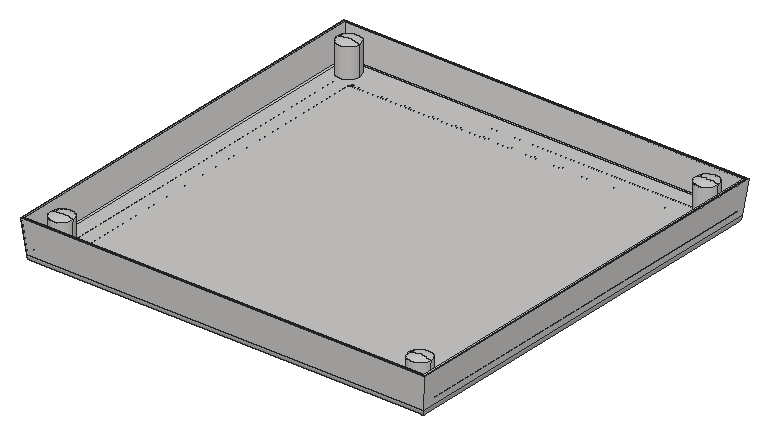
Revit family "Gorter BV 600x600mm", category Generic Models, host Face, Revit 2019
Family settings
  Host = Face
  Can host rebar = No
  Round Connector Dimension = Use Diameter
  Part Type = Normal
  Cut with Voids When Loaded = Yes
  Shared = Yes
  Room Calculation Point = No
Parameters (values of type "BV 600x600mm")
  vullen_met_beton = "ja"  # constant formula
  vergrendeling = "nee"  # constant formula
  uitwendige_lengte = 735 mm
  uitwendige_breedte = 735 mm
  sluiting = "4"  # constant formula
  scharnierend = "nee"  # constant formula
  rubberen_afdichting = "enkel"  # constant formula
  productgroep = ""
  materiaal = bcb_staal
  inbouwhoogte [instance] = 75 mm
  geïsoleerd = "nee"  # constant formula
  gewicht = "21"
  gasdrukveer = "nee"  # constant formula
  brandwerend 90 min = "nee"  # constant formula
  binnenmaat_lengte = uitwendige_lengte - 135 mm  # 600 mm
  binnenmaat_breedte = uitwendige_breedte - 135 mm  # 600 mm
  binnenluik = "tbv betonvulling"  # constant formula
  belasting = "125 kN"  # constant formula
  URL = ""
  Model = "BV"  # constant formula
  Manufacturer = "Gorter"  # constant formula
  Description = "BV 66"
  Default Elevation = 1219.2 mm
Types (6, lengths in mm): name | uitwendige_lengte | uitwendige_breedte | gewicht | binnenmaat_lengte | binnenmaat_breedte | Description
  (no name) | 735 | 735 | "21" | 600 | 600 | "BV 66"
  BV 600x400mm | 535 | 735 | "17" | 400 | 600 | "BV 64"
  BV 600x600mm | 735 | 735 | "21" | 600 | 600 | "BV 66"
  BV 800x600mm | 735 | 935 | "27" | 600 | 800 | "BV 86"
  BV 800x800mm | 935 | 935 | "31" | 800 | 800 | "BV 88"
  BV 1000x600mm | 735 | 1135 | "31" | 600 | 1000 | "BV 106"
Reference planes
  plane 1 "Center (Front/Back)": y = 0
  plane 2: z = 0
  plane 3 "Center (Left/Right)": x = 0
  plane 4: y = 367.5
  plane 5: y = -367.5
  plane 6: x = 367.5
  plane 7: x = -367.5
  plane 8: z = -75
  plane 9: x = -325.5
  plane 10: y = 325.5
  plane 11: y = -325.5
  plane 12: x = 325.5
  plane 13: x = -205.5
  plane 14: x = 205.5
  plane 15: y = -205.5
  plane 16: y = 205.5
Forms (mm)
  Sweep 1, solid, material "bcb_staal" <- "materiaal", detail levels medium+fine
    path origin (0, 0, 0) x (1, 0, 0) y (0, 1, 0)
      loop
        line (-367.5, 367.5) -> (-367.5, -367.5) -> (367.5, -367.5) -> (367.5, 367.5) -> (-367.5, 367.5)
    profile origin (-367.5, 0, 0) x (-1, 0, 0) y (0, 0, 1)
      loop
        line (0, 0) -> (-2.01, 0) -> (-8.062, -60.739)
        arc (-8.062, -60.739) -> (-19.025, -71.913) -> (-32.302, -63.62) r 12.5
        line (-32.302, -63.62) -> (-34.724, -56.679)
        arc (-34.724, -56.679) -> (-38.41, -54.001) -> (-42.212, -56.51) r 4
        line (-42.212, -56.51) -> (-44.362, -61.868)
        arc (-44.362, -61.868) -> (-48.269, -64.946) -> (-52.899, -63.13) r 5
        line (-52.899, -63.13) -> (-56.64, -57.982)
        arc (-56.64, -57.982) -> (-63.349, -55.792) -> (-67.5, -61.5) r 6
        line (-67.5, -61.5) -> (-67.5, -75) -> (-65.5, -75) -> (-65.5, -61.5)
        arc (-65.5, -61.5) -> (-62.734, -57.695) -> (-58.262, -59.152) r 4
        line (-58.262, -59.152) -> (-54.667, -64.109)
        arc (-54.667, -64.109) -> (-48.142, -66.947) -> (-42.504, -62.607) r 7
        line (-42.504, -62.607) -> (-40.356, -57.255)
        arc (-40.356, -57.255) -> (-38.451, -56.001) -> (-36.61, -57.346) r 2
        line (-36.61, -57.346) -> (-34.19, -64.279)
        arc (-34.19, -64.279) -> (-18.789, -73.899) -> (-6.071, -60.938) r 14.5
        line (-6.071, -60.938) -> (0, 0)
  Sweep 2, solid, material "bcb_staal" <- "materiaal", detail levels medium+fine
    path origin (0, 0, 0) x (1, 0, 0) y (0, 1, 0)
      loop
        line (-367.5, 367.5) -> (-367.5, -367.5) -> (367.5, -367.5) -> (367.5, 367.5) -> (-367.5, 367.5)
    profile origin (-367.5, 0, 0) x (-1, 0, 0) y (0, 0, 1)
      loop
        line (-10.487, -50.628) -> (-2.484, 0) -> (-4.5, 0) -> (-12.438, -50.313)
        arc (-12.438, -50.313) -> (-13.121, -51.538) -> (-14.437, -52.024) r 2.024
        line (-14.437, -52.024) -> (-67.5, -52.024) -> (-67.5, -53.988) -> (-14.751, -53.988)
        arc (-14.751, -53.988) -> (-11.962, -53.142) -> (-10.487, -50.628) r 4
  Sweep 3, solid, material "bcb_staal" <- "materiaal", detail levels coarse
    path origin (0, 0, 0) x (1, 0, 0) y (0, 1, 0)
      loop
        line (-367.5, 367.5) -> (-367.5, -367.5) -> (367.5, -367.5) -> (367.5, 367.5) -> (-367.5, 367.5)
    profile origin (-367.5, 0, 0) x (-1, 0, 0) y (0, 0, 1)
      loop
        line (0, 0) -> (-4.5, 0) -> (-12.74, -52.024) -> (-67.5, -52.024) -> (-67.5, -75) -> (-7.473, -75) -> (0, 0)
  Extrusion 4, solid, material "bcb_staal" <- "materiaal", detail levels medium+fine
    sketch origin (0, 0, 0) x (1, 0, 0) y (0, 1, 0)
      loop
        line (-300, 300) -> (-300, -300) -> (300, -300) -> (300, 300) -> (-300, 300)
    from -53.988 to -52
  Extrusion 5, solid, material "bcb_staal" <- "materiaal", detail levels coarse
    sketch origin (0, 0, 0) x (1, 0, 0) y (0, 1, 0)
      loop
        line (-300, 300) -> (-300, -300) -> (300, -300) -> (300, 300) -> (-300, 300)
    from -75 to -52.024
  Extrusion 6, void
    sketch origin (0, 0, 0) x (1, 0, 0) y (0, 1, 0)
      loop
        line (-205.5, -205.5) -> (205.5, -205.5) -> (205.5, 205.5) -> (-205.5, 205.5) -> (-205.5, -205.5)
    from -500 to 10
  Sweep 7, void
    path origin (0, 0, 0) x (1, 0, 0) y (0, 1, 0)
      loop
        line (-367.5, 367.5) -> (-367.5, -367.5) -> (367.5, -367.5) -> (367.5, 367.5) -> (-367.5, 367.5)
    profile origin (-367.5, 0, 0) x (-1, 0, 0) y (0, 0, 1)
      loop
        line (0.498, 5) -> (-162, 5) -> (-162, -365) -> (-65.5, -365) -> (-65.5, -75) -> (-7.473, -75) -> (0.498, 5)
Cuts and joins
  joined: Sweep 2, Extrusion 4
  joined: Sweep 3, Extrusion 5
Dimensions and locks
  equal spacing: plane 7, plane 3 "Center (Left/Right)", plane 6
  "uitwendige_breedte": plane 7 to plane 6
  equal spacing: plane 4, plane 1 "Center (Front/Back)", plane 5
  "uitwendige_lengte": plane 4 to plane 5
  locked: plane 4 to plane 10 at 42
  locked: plane 7 to plane 9 at 42
  locked: plane 12 to plane 6 at 42
  locked: plane 5 to plane 11 at 42
  locked: plane 9 to plane 13 at 120
  locked: plane 14 to plane 12 at 120
  locked: plane 15 to plane 11 at 120
  locked: plane 10 to plane 16 at 120
  aligned and locked: plane 2 to host face
  aligned and locked: level to host face
  aligned and locked: Sweep 1 sketch curve to plane 4
  aligned and locked: plane 7 to Sweep 1 sketch curve
  aligned and locked: plane 5 to Sweep 1 sketch curve
  aligned and locked: Sweep 1 sketch curve to plane 6
  aligned and locked: Sweep 2 sketch curve to Sweep 1  (x4)
  aligned and locked: Sweep 3 sketch curve to Sweep 1  (x4)
  aligned and locked: Extrusion 4 sketch curve to Sweep 1  (x4)
  aligned and locked: Extrusion 5 sketch curve to Sweep 3  (x2)
  aligned and locked: Extrusion 5 sketch curve to Sweep 1  (x2)
  aligned and locked: plane 3 "Center (Left/Right)" to nested 1
  aligned and locked: nested 1 to plane 2
  aligned and locked: plane 9 to nested 2
  aligned and locked: nested 2 to plane 10
  aligned and locked: nested 3 to plane 12
  aligned and locked: plane 10 to nested 3
  aligned and locked: plane 11 to nested 4
  aligned and locked: nested 4 to plane 9
  aligned and locked: nested 5 to plane 11
  aligned and locked: plane 12 to nested 5
  aligned and locked: nested 6 to plane 1 "Center (Front/Back)"
  aligned and locked: nested 6 to plane 2
  aligned and locked: Extrusion 6 to plane 16
  aligned and locked: Extrusion 6 to plane 14
  aligned and locked: Extrusion 6 to plane 15
  aligned and locked: Extrusion 6 to plane 13
  aligned and locked: Sweep 7 sketch curve to plane 4
  aligned and locked: Sweep 7 sketch curve to plane 6
  aligned and locked: plane 5 to Sweep 7 sketch curve
  aligned and locked: plane 7 to Sweep 7 sketch curve
Automatic sketch dimensions
  host sketch curve to host sketch curve = 2000 mm  (x2)
  Sweep 1 sketch curve to profile plane = 0 mm
  profile plane to Sweep 1 sketch curve = 6.071 mm
  Sweep 1 sketch curve to Sweep 1 sketch curve = 1.99 mm
  Sweep 1 sketch curve to Sweep 1 sketch curve = 12.438 mm
  Sweep 1 sketch curve to Sweep 1 sketch curve = 0 mm  (x6)
  Sweep 1 sketch curve to Sweep 1 sketch curve = 11.802 mm
  Sweep 1 sketch curve to Sweep 1 sketch curve = 1.888 mm
  Sweep 1 sketch curve to Sweep 1 sketch curve = 2.423 mm
  Sweep 1 sketch curve to Sweep 1 sketch curve = 1.886 mm
  Sweep 1 sketch curve to Sweep 1 sketch curve = 1.89 mm
  Sweep 1 sketch curve to Sweep 1 sketch curve = 1.856 mm  (x2)
  Sweep 1 sketch curve to Sweep 1 sketch curve = 2.147 mm
  Sweep 1 sketch curve to Sweep 1 sketch curve = 1.858 mm
  Sweep 1 sketch curve to Sweep 1 sketch curve = 4.638 mm
  Sweep 1 sketch curve to Sweep 1 sketch curve = 3.899 mm
  Sweep 1 sketch curve to Sweep 1 sketch curve = 1.768 mm
  Sweep 1 sketch curve to Sweep 1 sketch curve = 3.741 mm
  Sweep 1 sketch curve to Sweep 1 sketch curve = 1.622 mm
  Sweep 1 sketch curve to Sweep 1 sketch curve = 3.238 mm
  Sweep 1 sketch curve to Sweep 1 sketch curve = 4 mm
  Sweep 1 sketch curve to Sweep 1 sketch curve = 2 mm
  Sweep 1 sketch curve to level = 56.51 mm
  Sweep 1 sketch curve to Sweep 1 sketch curve = 0.169 mm
  Sweep 1 sketch curve to Sweep 1 sketch curve = 0.745 mm
  Sweep 1 sketch curve to Sweep 1 sketch curve = 0.654 mm
  Sweep 1 sketch curve to Sweep 1 sketch curve = 1.471 mm
  Sweep 1 sketch curve to Sweep 1 sketch curve = 1.17 mm
  Sweep 1 sketch curve to Sweep 1 sketch curve = 2.821 mm
  Sweep 1 sketch curve to Sweep 1 sketch curve = 3.49 mm
  Sweep 1 sketch curve to Sweep 1 sketch curve = 1.239 mm
  Sweep 1 sketch curve to Sweep 1 sketch curve = 0.198 mm
  Sweep 1 sketch curve to Sweep 1 sketch curve = 1.867 mm
  Sweep 1 sketch curve to Sweep 1 sketch curve = 0.739 mm
  Sweep 1 sketch curve to Sweep 1 sketch curve = 13.5 mm
  profile plane to Sweep 1 sketch curve = 2.01 mm
  Sweep 1 sketch curve to Sweep 1 sketch curve = 60.938 mm
  Sweep 2 sketch curve to level = 0 mm
  profile plane to Sweep 2 sketch curve = 14.751 mm
  Sweep 2 sketch curve to Sweep 2 sketch curve = 0.313 mm  (x2)
  Sweep 2 sketch curve to Sweep 2 sketch curve = 0 mm  (x2)
  Sweep 2 sketch curve to Sweep 2 sketch curve = 1.95 mm
  Sweep 2 sketch curve to Sweep 2 sketch curve = 0.315 mm
  Sweep 2 sketch curve to Sweep 2 sketch curve = 53.063 mm
  profile plane to Sweep 2 sketch curve = 4.5 mm
  Sweep 2 sketch curve to Sweep 2 sketch curve = 2.016 mm
  Sweep 2 sketch curve to level = 52.024 mm
  Sweep 2 sketch curve to Sweep 2 sketch curve = 1.963 mm
  Sweep 3 sketch curve to level = 0 mm
  Sweep 3 sketch curve to profile plane = 0 mm
  profile plane to Sweep 3 sketch curve = 4.5 mm
  profile plane to Sweep 3 sketch curve = 12.74 mm
  Sweep 3 sketch curve to Sweep 3 sketch curve = 54.76 mm
  Sweep 3 sketch curve to level = 52.024 mm
  profile plane to Sweep 3 sketch curve = 7.473 mm
  Sweep 3 sketch curve to Sweep 3 sketch curve = 22.976 mm
  Extrusion 6 sketch curve to plane 11 = 120 mm
  Extrusion 6 sketch curve to plane 1 "Center (Front/Back)" = 205.5 mm
  Extrusion 6 sketch curve to plane 13 = 0 mm
  Extrusion 6 sketch curve to plane 14 = 0 mm
  level to Sweep 7 sketch curve = 5 mm
  profile plane to Sweep 7 sketch curve = 162 mm
  profile plane to Sweep 7 sketch curve = 65.5 mm
  profile plane to Sweep 7 sketch curve = 7.473 mm
  Sweep 7 sketch curve to profile plane = 0.498 mm
  Sweep 7 sketch curve to level = 75 mm
  Sweep 7 sketch curve to Sweep 7 sketch curve = 290 mm
Nested families
  nested 1: "NLRS_33_GM_FB_TC_GORTER_vloerluik_BV_BCB_Detail_Component" at (0, 0, 0) x (1, 0, 0) z (0, -1, 0), breedte <- "uitwendige_breedte", type "NLRS_33_GM_FB_TC_GORTER_vloerluik_BV_BCB_Detail_Component"
    with breedte 735 mm
  nested 2: "NLRS_33_GM_FB_TC_GORTER_vloerluik_BV_BCB_Inbusbout" at (-325.5, 325.5, -52.024), type "NLRS_33_GM_FB_TC_GORTER_vloerluik_BV_BCB_Inbusbout"
  nested 3: "NLRS_33_GM_FB_TC_GORTER_vloerluik_BV_BCB_Inbusbout" at (325.5, 325.5, -52.024) x (-1, 0, 0) z (0, 0, 1), type "NLRS_33_GM_FB_TC_GORTER_vloerluik_BV_BCB_Inbusbout"
  nested 4: "NLRS_33_GM_FB_TC_GORTER_vloerluik_BV_BCB_Inbusbout" at (-325.5, -325.5, -52.024), type "NLRS_33_GM_FB_TC_GORTER_vloerluik_BV_BCB_Inbusbout"
  nested 5: "NLRS_33_GM_FB_TC_GORTER_vloerluik_BV_BCB_Inbusbout" at (325.5, -325.5, -52.024) x (-1, 0, 0) z (0, 0, 1), type "NLRS_33_GM_FB_TC_GORTER_vloerluik_BV_BCB_Inbusbout"
  nested 6: "NLRS_33_GM_FB_TC_GORTER_vloerluik_BV_BCB_Detail_Component" at (0, 0, 0) x (0, 1, 0) z (1, 0, 0), breedte <- "uitwendige_lengte", type "NLRS_33_GM_FB_TC_GORTER_vloerluik_BV_BCB_Detail_Component"
    with breedte 735 mm
Definition of nested family "NLRS_33_GM_FB_TC_GORTER_vloerluik_BV_BCB_Inbusbout"
  Parameters
    materiaal = none
    Default Elevation = 1219.2 mm
  Reference planes
    plane 1 "Center (Front/Back)": y = 0
    plane 2: z = 0
    plane 3 "Center (Left/Right)": x = 0
  Forms (mm)
    Extrusion 1, solid, not visible
      sketch origin (0, 0, 0) x (1, 0, 0) y (0, 1, 0)
        loop
          line (-250, 250) -> (-250, -250) -> (250, -250) -> (250, 250) -> (-250, 250)
      from 0 to -100
    Extrusion 2, solid, material <- "materiaal", detail levels medium+fine
      sketch origin (0, 0, 0) x (1, 0, 0) y (0, 1, 0)
        loop
          circle (0, 0) r 20
      from 0 to 52
    Revolve 3, solid, detail levels medium+fine
      sketch origin (0, 0, 0) x (1, 0, 0) y (0, 0, 1)
        loop
          line (-20, 52) -> (0, 52) -> (0, 56)
          arc (0, 56) -> (-10.198, 54.99) -> (-20, 52) r 52
        axis (0, 56) -> (0, 52)
      angle from 0 to 360
  Dimensions and locks
    aligned and locked: plane 2 to Extrusion 1
    aligned and locked: level to Extrusion 1
Definition of nested family "NLRS_33_GM_FB_TC_GORTER_vloerluik_BV_BCB_Detail_Component"
  Parameters
    breedte [instance] = 435 mm
  Reference planes
    plane 1 "Center (Front/Back)": y = 0
    plane 2: z = 0
    plane 3 "Center (Left/Right)": x = 0
    plane 4: x = -217.5
    plane 5: x = 217.5
    plane 6: y = 100
    plane 7: y = -75
  Lines and regions (mm)
    Filled region 1, type "BCB Staal", in view "Ref. Level", detail levels medium+fine
      outline origin (0, 0, 0) x (1, 0, 0) y (0, 1, 0)
        loop
          line (-217.5, 0) -> (-211.429, -60.938)
          arc (-211.429, -60.938) -> (-198.711, -73.899) -> (-183.31, -64.279) r 14.5
          line (-183.31, -64.279) -> (-180.89, -57.346)
          arc (-180.89, -57.346) -> (-179.049, -56.001) -> (-177.144, -57.255) r 2
          line (-177.144, -57.255) -> (-174.996, -62.607)
          arc (-174.996, -62.607) -> (-169.358, -66.947) -> (-162.833, -64.109) r 7
          line (-162.833, -64.109) -> (-159.24, -59.154)
          arc (-159.24, -59.154) -> (-154.767, -57.695) -> (-152, -61.5) r 4
          line (-152, -61.5) -> (-152, -75) -> (-150, -75) -> (-150, -61.5)
          arc (-150, -61.5) -> (-154.151, -55.792) -> (-160.86, -57.982) r 6
          line (-160.86, -57.982) -> (-164.601, -63.13)
          arc (-164.601, -63.13) -> (-169.231, -64.946) -> (-173.138, -61.868) r 5
          line (-173.138, -61.868) -> (-175.288, -56.51)
          arc (-175.288, -56.51) -> (-179.09, -54.001) -> (-182.776, -56.679) r 4
          line (-182.776, -56.679) -> (-185.198, -63.62)
          arc (-185.198, -63.62) -> (-198.475, -71.913) -> (-209.438, -60.739) r 12.5
          line (-209.438, -60.739) -> (-215.49, 0) -> (-217.5, 0)
    Filled region 2, type "BCB Rubber", in view "Ref. Level", detail levels medium+fine
      outline origin (0, 0, 0) x (1, 0, 0) y (0, 1, 0)
        loop
          arc (-160.052, -57.075) -> (-160.524, -54.949) -> (-162.485, -54) r 2.5
          line (-162.485, -54) -> (-178.975, -54)
          arc (-178.975, -54) -> (-176.749, -54.694) -> (-175.288, -56.51) r 4
          line (-175.288, -56.51) -> (-173.138, -61.868)
          arc (-173.138, -61.868) -> (-169.231, -64.946) -> (-164.601, -63.13) r 5
          line (-164.601, -63.13) -> (-160.86, -57.982)
          arc (-160.86, -57.982) -> (-160.479, -57.508) -> (-160.052, -57.075) r 6
    Filled region 3, type "BCB Staal", in view "Ref. Level", detail levels medium+fine
      outline origin (0, 0, 0) x (1, 0, 0) y (0, 1, 0)
        loop
          line (-213, 0) -> (-215.016, 0) -> (-207.013, -50.628)
          arc (-207.013, -50.628) -> (-205.538, -53.142) -> (-202.749, -53.988) r 4
          line (-202.749, -53.988) -> (203.063, -53.988)
          arc (203.063, -53.988) -> (205.651, -53.033) -> (207, -50.626) r 3.987
          line (207, -50.626) -> (215, 0) -> (212.969, 0) -> (205.038, -50.32)
          arc (205.038, -50.32) -> (204.359, -51.524) -> (203.063, -52.024) r 2.001
          line (203.063, -52.024) -> (-203.063, -52.024)
          arc (-203.063, -52.024) -> (-204.379, -51.538) -> (-205.063, -50.313) r 2.024
          line (-205.063, -50.313) -> (-213, 0)
    Filled region 4, type "BCB Staal", in view "Ref. Level", detail levels medium+fine
      outline origin (0, 0, 0) x (1, 0, 0) y (0, 1, 0)
        loop
          line (185.198, -63.62) -> (182.776, -56.679)
          arc (182.776, -56.679) -> (179.09, -54.001) -> (175.288, -56.51) r 4
          line (175.288, -56.51) -> (173.138, -61.868)
          arc (173.138, -61.868) -> (169.231, -64.946) -> (164.601, -63.13) r 5
          line (164.601, -63.13) -> (160.86, -57.982)
          arc (160.86, -57.982) -> (154.151, -55.792) -> (150, -61.5) r 6
          line (150, -61.5) -> (150, -75) -> (152, -75) -> (152, -61.5)
          arc (152, -61.5) -> (154.767, -57.695) -> (159.24, -59.154) r 4
          line (159.24, -59.154) -> (162.833, -64.109)
          arc (162.833, -64.109) -> (169.358, -66.947) -> (174.996, -62.607) r 7
          line (174.996, -62.607) -> (177.144, -57.255)
          arc (177.144, -57.255) -> (179.049, -56.001) -> (180.89, -57.346) r 2
          line (180.89, -57.346) -> (183.31, -64.279)
          arc (183.31, -64.279) -> (198.711, -73.899) -> (211.429, -60.938) r 14.5
          line (211.429, -60.938) -> (217.5, 0) -> (215.49, 0) -> (209.438, -60.739)
          arc (209.438, -60.739) -> (198.475, -71.913) -> (185.198, -63.62) r 12.5
    Filled region 5, type "BCB Rubber", in view "Ref. Level", detail levels medium+fine
      outline origin (0, 0, 0) x (1, 0, 0) y (0, 1, 0)
        loop
          arc (162.485, -54) -> (160.524, -54.949) -> (160.052, -57.075) r 2.5
          arc (160.052, -57.075) -> (160.479, -57.508) -> (160.86, -57.982) r 6
          line (160.86, -57.982) -> (164.601, -63.13)
          arc (164.601, -63.13) -> (169.231, -64.946) -> (173.138, -61.868) r 5
          line (173.138, -61.868) -> (175.288, -56.51)
          arc (175.288, -56.51) -> (176.746, -54.695) -> (178.968, -54) r 4
          line (178.968, -54) -> (162.485, -54)
    Masking region 1, in view "Ref. Level", detail levels medium+fine
      outline origin (0, 0, 0) x (1, 0, 0) y (0, 1, 0)
        loop
          line (-152, -75) -> (152, -75) -> (152, -74) -> (197, -74)
          arc (197, -74) -> (206.732, -70.249) -> (211.429, -60.938) r 14.5
          line (211.429, -60.938) -> (217.5, 0) -> (-217.5, 0) -> (-211.429, -60.938)
          arc (-211.429, -60.938) -> (-206.732, -70.249) -> (-197, -74) r 14.5
          line (-197, -74) -> (-152, -74) -> (-152, -75)
  Text (mm)
    text "Meer informatie nodig om tot een goed detail te komen.\n\nPDF van de website bevat meer informatie, dit zouden wij graag tegemoet zien in DWG-formaat." at (4.418, -12.363, 0), in view "Ref. Level"
  Dimensions and locks
    equal spacing: plane 4, plane 3 "Center (Left/Right)", plane 5
    "breedte": plane 4 to plane 5
  Automatic sketch dimensions
    plane 1 "Center (Front/Back)" to Filled region 1 sketch curve = 0 mm
    Filled region 1 sketch curve to plane 4 = 0 mm
    plane 4 to Filled region 1 sketch curve = 6.071 mm
    Filled region 1 sketch curve to Filled region 1 sketch curve = 1.99 mm
    Filled region 1 sketch curve to Filled region 1 sketch curve = 12.438 mm
    Filled region 1 sketch curve to Filled region 1 sketch curve = 0 mm  (x6)
    plane 7 to Filled region 1 sketch curve = 11.38 mm
    Filled region 1 sketch curve to Filled region 1 sketch curve = 11.802 mm
    plane 7 to Filled region 1 sketch curve = 10.721 mm
    Filled region 1 sketch curve to Filled region 1 sketch curve = 1.888 mm
    Filled region 1 sketch curve to Filled region 1 sketch curve = 2.423 mm
    plane 7 to Filled region 1 sketch curve = 17.654 mm
    Filled region 1 sketch curve to Filled region 1 sketch curve = 1.886 mm
    Filled region 1 sketch curve to Filled region 1 sketch curve = 1.89 mm
    plane 7 to Filled region 1 sketch curve = 17.745 mm
    Filled region 1 sketch curve to Filled region 1 sketch curve = 1.856 mm  (x2)
    plane 7 to Filled region 1 sketch curve = 18.49 mm
    plane 7 to Filled region 1 sketch curve = 12.393 mm
    Filled region 1 sketch curve to Filled region 1 sketch curve = 2.147 mm
    plane 7 to Filled region 1 sketch curve = 13.132 mm
    Filled region 1 sketch curve to Filled region 1 sketch curve = 1.858 mm
    Filled region 1 sketch curve to Filled region 1 sketch curve = 4.638 mm
    plane 7 to Filled region 1 sketch curve = 11.87 mm
    Filled region 1 sketch curve to Filled region 1 sketch curve = 3.899 mm
    plane 7 to Filled region 1 sketch curve = 10.891 mm
    Filled region 1 sketch curve to Filled region 1 sketch curve = 1.768 mm
    plane 7 to Filled region 1 sketch curve = 17.018 mm
    Filled region 1 sketch curve to Filled region 1 sketch curve = 3.74 mm
    plane 7 to Filled region 1 sketch curve = 15.846 mm
    Filled region 1 sketch curve to Filled region 1 sketch curve = 1.621 mm
    Filled region 1 sketch curve to Filled region 1 sketch curve = 3.24 mm
    plane 7 to Filled region 1 sketch curve = 13.5 mm  (x2)
    Filled region 1 sketch curve to Filled region 1 sketch curve = 4 mm
    plane 7 to Filled region 1 sketch curve = 0 mm
    Filled region 1 sketch curve to Filled region 1 sketch curve = 2 mm  (x2)
    plane 7 to Filled region 1 sketch curve = 14.062 mm
    Filled region 1 sketch curve to Filled region 1 sketch curve = 0.198 mm
    plane 4 to Filled region 1 sketch curve = 2.01 mm
    plane 7 to Filled region 2 sketch curve = 17 mm
    plane 4 to Filled region 2 sketch curve = 38.5 mm
    Filled region 2 sketch curve to Filled region 2 sketch curve = 0.025 mm
    plane 7 to Filled region 2 sketch curve = 18.49 mm
    Filled region 2 sketch curve to Filled region 2 sketch curve = 3.712 mm
    plane 7 to Filled region 2 sketch curve = 13.132 mm
    Filled region 2 sketch curve to Filled region 2 sketch curve = 2.15 mm
    Filled region 2 sketch curve to Filled region 2 sketch curve = 4.638 mm
    plane 7 to Filled region 2 sketch curve = 11.87 mm
    Filled region 2 sketch curve to Filled region 2 sketch curve = 3.899 mm
    Filled region 2 sketch curve to Filled region 2 sketch curve = 2.116 mm
    plane 7 to Filled region 2 sketch curve = 17.018 mm
    Filled region 2 sketch curve to Filled region 2 sketch curve = 1.624 mm
    Filled region 2 sketch curve to Filled region 2 sketch curve = 4.86 mm
    Filled region 2 sketch curve to Filled region 2 sketch curve = 3.518 mm
    Filled region 2 sketch curve to Filled region 2 sketch curve = 1.482 mm
    Filled region 2 sketch curve to Filled region 2 sketch curve = 0 mm  (x3)
    Filled region 2 sketch curve to Filled region 2 sketch curve = 0.809 mm
    plane 1 "Center (Front/Back)" to Filled region 3 sketch curve = 0 mm  (x2)
    plane 4 to Filled region 3 sketch curve = 10.487 mm
    Filled region 3 sketch curve to Filled region 3 sketch curve = 1.95 mm
    Filled region 3 sketch curve to Filled region 3 sketch curve = 2 mm
    Filled region 3 sketch curve to Filled region 3 sketch curve = 0 mm  (x5)
    Filled region 3 sketch curve to Filled region 3 sketch curve = 0.313 mm  (x2)
    Filled region 3 sketch curve to plane 5 = 14.437 mm
    Filled region 3 sketch curve to Filled region 3 sketch curve = 1.975 mm
    Filled region 3 sketch curve to Filled region 3 sketch curve = 1.962 mm
    Filled region 3 sketch curve to plane 5 = 4.531 mm
    Filled region 3 sketch curve to Filled region 3 sketch curve = 2.031 mm
    plane 7 to Filled region 3 sketch curve = 25 mm  (x2)
    Filled region 3 sketch curve to Filled region 3 sketch curve = 0.001 mm
    Filled region 3 sketch curve to Filled region 3 sketch curve = 0.319 mm
    Filled region 3 sketch curve to Filled region 3 sketch curve = 0.306 mm
    plane 4 to Filled region 3 sketch curve = 4.5 mm
    Filled region 3 sketch curve to Filled region 3 sketch curve = 2.016 mm
    Filled region 4 sketch curve to plane 7 = 0 mm
    plane 1 "Center (Front/Back)" to Filled region 4 sketch curve = 0 mm
    Filled region 4 sketch curve to plane 5 = 0 mm
    Filled region 4 sketch curve to plane 5 = 6.071 mm
    Filled region 4 sketch curve to Filled region 4 sketch curve = 1.99 mm
    Filled region 4 sketch curve to Filled region 4 sketch curve = 12.438 mm
    Filled region 4 sketch curve to Filled region 4 sketch curve = 0 mm  (x5)
    plane 7 to Filled region 4 sketch curve = 11.38 mm
    Filled region 4 sketch curve to Filled region 4 sketch curve = 11.802 mm
    plane 7 to Filled region 4 sketch curve = 10.721 mm
    Filled region 4 sketch curve to Filled region 4 sketch curve = 1.888 mm
    Filled region 4 sketch curve to Filled region 4 sketch curve = 2.423 mm
    Filled region 4 sketch curve to Filled region 4 sketch curve = 1.886 mm
    Filled region 4 sketch curve to Filled region 4 sketch curve = 1.89 mm
    plane 7 to Filled region 4 sketch curve = 17.745 mm
    Filled region 4 sketch curve to Filled region 4 sketch curve = 1.856 mm  (x2)
    plane 7 to Filled region 4 sketch curve = 18.49 mm
    plane 7 to Filled region 4 sketch curve = 12.393 mm
    Filled region 4 sketch curve to Filled region 4 sketch curve = 2.147 mm
    plane 7 to Filled region 4 sketch curve = 13.132 mm
    Filled region 4 sketch curve to Filled region 4 sketch curve = 1.858 mm
    Filled region 4 sketch curve to Filled region 4 sketch curve = 4.638 mm
    plane 7 to Filled region 4 sketch curve = 11.87 mm
    Filled region 4 sketch curve to Filled region 4 sketch curve = 3.899 mm
    plane 7 to Filled region 4 sketch curve = 10.891 mm
    Filled region 4 sketch curve to Filled region 4 sketch curve = 1.768 mm
    plane 7 to Filled region 4 sketch curve = 17.018 mm
    Filled region 4 sketch curve to Filled region 4 sketch curve = 3.74 mm
    plane 7 to Filled region 4 sketch curve = 15.846 mm
    Filled region 4 sketch curve to Filled region 4 sketch curve = 1.621 mm
    Filled region 4 sketch curve to Filled region 4 sketch curve = 3.24 mm
    Filled region 4 sketch curve to Filled region 4 sketch curve = 4 mm
    Filled region 4 sketch curve to Filled region 4 sketch curve = 2 mm
    plane 7 to Filled region 4 sketch curve = 14.062 mm
    Filled region 4 sketch curve to Filled region 4 sketch curve = 0.198 mm
    Filled region 4 sketch curve to Filled region 4 sketch curve = 0.745 mm
    Filled region 4 sketch curve to Filled region 4 sketch curve = 2.01 mm
    plane 7 to Filled region 5 sketch curve = 13.5 mm
    Filled region 5 sketch curve to plane 5 = 61.5 mm
    plane 7 to Filled region 5 sketch curve = 17.018 mm
    Filled region 5 sketch curve to Filled region 5 sketch curve = 4.86 mm
    Filled region 5 sketch curve to Filled region 5 sketch curve = 1.624 mm
    plane 7 to Filled region 5 sketch curve = 11.87 mm
    Filled region 5 sketch curve to Filled region 5 sketch curve = 3.74 mm
    Filled region 5 sketch curve to Filled region 5 sketch curve = 3.899 mm
    plane 7 to Filled region 5 sketch curve = 13.132 mm
    Filled region 5 sketch curve to Filled region 5 sketch curve = 4.638 mm
    Filled region 5 sketch curve to Filled region 5 sketch curve = 2.15 mm
    Filled region 5 sketch curve to Filled region 5 sketch curve = 3.68 mm
    Filled region 5 sketch curve to Filled region 5 sketch curve = 3.712 mm
    Filled region 5 sketch curve to Filled region 5 sketch curve = 1.49 mm
    Filled region 5 sketch curve to Filled region 5 sketch curve = 1.482 mm
    Filled region 5 sketch curve to Filled region 5 sketch curve = 0.809 mm
    plane 1 "Center (Front/Back)" to Masking region 1 sketch curve = 0 mm
    Masking region 1 sketch curve to plane 4 = 0 mm
    Masking region 1 sketch curve to plane 7 = 0 mm
    Masking region 1 sketch curve to plane 5 = 65.5 mm
    plane 7 to Masking region 1 sketch curve = 1 mm
    plane 4 to Masking region 1 sketch curve = 65.5 mm
    Masking region 1 sketch curve to plane 5 = 20.5 mm
    Masking region 1 sketch curve to Masking region 1 sketch curve = 1 mm
    Masking region 1 sketch curve to Masking region 1 sketch curve = 14.5 mm
    Masking region 1 sketch curve to plane 5 = 6.071 mm
    Masking region 1 sketch curve to plane 5 = 0 mm
    plane 4 to Masking region 1 sketch curve = 6.071 mm
    plane 7 to Masking region 1 sketch curve = 14.062 mm
    Masking region 1 sketch curve to Masking region 1 sketch curve = 1.438 mm
